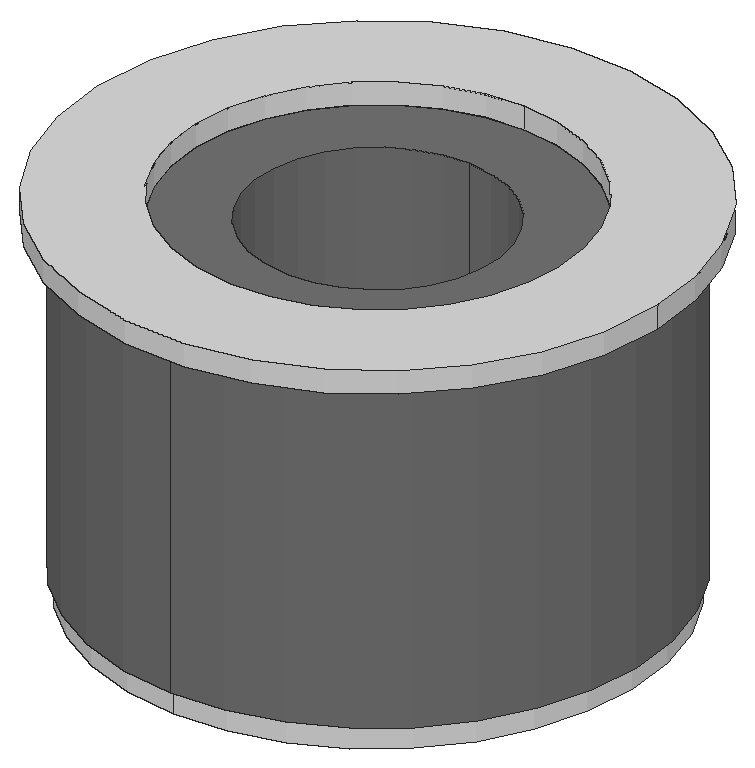
Revit family "Roxtec RS UG seals", category Duct Accessories, host Face, Revit 2017
Family settings
  Host = Face
  Round Connector Dimension = Use Diameter
  Part Type = Attaches To
  Cut with Voids When Loaded = No
  Shared = No
Parameters (values of type "RS 125 UG WOC")
  core visibility = no
  Weight (kg) = 1.4
  WarrantyGuarantorParts = ""
  WarrantyGuarantorLabor = ""
  WarrantyDurationUnit = ""
  WarrantyDurationParts = ""
  WarrantyDurationLabor = ""
  WarrantyDescription = ""
  Wall opening diameter = 125 mm
  Version = "2.0"  # constant formula
  Uniclass2015Version = ""
  Uniclass2015Title = ""
  Uniclass2015Code = ""
  URL = "https://www.roxtec.com/en/products/solutions/roxtec-rs-ug-seal/"
  UNSPSC Code = ""
  Sähkönumero = "1753187"
  SustainabilityPerformance = ""
  Size = ""
  Shape = ""
  Roxtec RTD [instance] = ""
  Roxtec Product Title [instance] = if(and(Wall opening diameter = 70 mm, core visibility), "RS 70 UG", if(and(Wall opening diameter = 75 mm, core visibility), "RS 75 UG", if(and(Wall opening diameter = 90 mm, core visibility), "RS 90 UG", if(and(Wall opening diameter = 100 mm, Min cable Ø = 24 mm), "RS 100 24-53 UG", if(and(Wall opening diameter = 100 mm, core visibility), "RS 100 UG", if(and(Wall opening diameter = 100 mm), "RS 100 UG WOC", if(and(Wall opening diameter = 125 mm, core visibility), "RS 125 UG", if(and(Wall opening diameter = 125 mm), "RS 125 UG WOC", if(and(Wall opening diameter = 135 mm), "RS 135 UG WOC", if(and(Wall opening diameter = 150 mm), "RS 150 UG WOC", if(and(Wall opening diameter = 185 mm), "RS 185 UG WOC", if(and(Wall opening diameter = 200 mm), "RS 200 UG WOC", if(and(Wall opening diameter = 225 mm), "RS 225 UG WOC", if(and(Wall opening diameter = 250 mm), "RS 250 UG WOC", if(and(Wall opening diameter = 300 mm), "H1-300/220 UG", if(and(Wall opening diameter = 350 mm, Min cable Ø = 250 mm), "H1-350/250 UG", if(and(Wall opening diameter = 350 mm, Min cable Ø = 280 mm), "H1-350/280 UG", if(and(Wall opening diameter = 400 mm), "H1-400/315 UG", " "))))))))))))))))))  # "RS 125 UG WOC"
  Roxtec Product ID [instance] = if(and(Wall opening diameter = 70 mm, core visibility), "167234", if(and(Wall opening diameter = 75 mm, core visibility), "186247", if(and(Wall opening diameter = 90 mm, core visibility), "167263", if(and(Wall opening diameter = 100 mm, Min cable Ø = 24 mm), "186250", if(and(Wall opening diameter = 100 mm, core visibility), "167236", if(and(Wall opening diameter = 100 mm), "167265", if(and(Wall opening diameter = 125 mm, core visibility), "167638", if(and(Wall opening diameter = 125 mm), "167639", if(and(Wall opening diameter = 135 mm), "167266", if(and(Wall opening diameter = 150 mm), "167246", if(and(Wall opening diameter = 185 mm), "167258", if(and(Wall opening diameter = 200 mm), "178151", if(and(Wall opening diameter = 225 mm), "178166", if(and(Wall opening diameter = 250 mm), "178178", if(and(Wall opening diameter = 300 mm), "175578", if(and(Wall opening diameter = 350 mm, Min cable Ø = 250 mm), "192887", if(and(Wall opening diameter = 350 mm, Min cable Ø = 280 mm), "175579", if(and(Wall opening diameter = 400 mm), "167235", " "))))))))))))))))))  # "167639"
  Sealing material = Roxylon black
  Revision = ""
  ReplacementCost = ""
  ProductInformation = ""
  ProdLib_ID = ""
  NominalLength [instance] = 0 mm
  NominalHeight = 0 mm
  NominalDepth = 0 mm
  Name = ""
  NBSReference = ""
  NBSDescription = ""
  ModelReference = ""
  ModelNumber = ""
  ManufacturerURL = ""
  Manufacturer = "Roxtec"  # constant formula
  LVI Numero = "3259201"
  IfcExportType = ""
  IfcExportAs = ""
  IfcClassification = ""
  IFC Classification = ""
  Grade = ""
  Frame material = Roxylon black
  Finish = ""
  Features = ""
  ExpectedLife = ""
  ETIM Classification = "EC000220"  # constant formula
  DurationUnit = ""
  Description = "Sealing solutions for cables and pipes"
  Default Elevation = 0 mm
  Core material = Roxylon black
  Constituents = ""
  Color = ""
  Fitting material = Steel
  Max cable Ø = 88 mm
  Min cable Ø = 55 mm
  Sealing height = 75 mm  # constant formula
  Fitting thickness = 5 mm  # constant formula
  Front fitting diameter = Wall opening diameter + 10 mm  # 135 mm
  CodePerformance = ""
  Category = ""
  COBie Type Category = ""
  BIMObjectName = ""
  Author = "ProdLIb Oy"  # constant formula
  AssetType = ""
  AccessibilityPerformance = ""
Types (11, lengths in mm): name | core visibility | Weight (kg) | Wall opening diameter | Sähkönumero | Roxtec Product Title | Roxtec Product ID | LVI Numero | Max cable Ø | Min cable Ø | Front fitting diameter
  (no name) | no | 1.4 | 125 | "1753187" | "RS 125 UG WOC" | "167639" | "3259201" | 88 | 55 | 135
  RS 100 24-53 UG | yes | 1 | 100 | "1753126" | "RS 100 24-53 UG" | "186250" | "-" | 53 | 24 | 110
  RS 100 UG WOC | no | 1 | 100 | "1753132" | "RS 100 UG WOC" | "167265" | "3259200" | 63 | 39 | 110
  RS 125 UG WOC | no | 1.4 | 125 | "1753187" | "RS 125 UG WOC" | "167639" | "3259201" | 88 | 55 | 135
  RS 135 UG WOC | no | 1.6 | 135 | "1753133" | "RS 135 UG WOC" | "167266" | "-" | 98 | 65 | 145
  RS 150 UG WOC | no | 1.8 | 150 | "" | "RS 150 UG WOC" | "167246" | "3259202" | 113 | 80 | 160
  RS 185 UG WOC | no | 2.3 | 185 | "" | "RS 185 UG WOC" | "167258" | "3259203" | 148 | 114 | 195
  RS 75 UG | yes | 0.7 | 75 | "1753091" | "RS 75 UG" | "186247" | "" | 33 | 9 | 85
  RS 200 UG WOC | no | 2.5 | 200 | "" | "RS 200 UG WOC" | "178151" | "3259204" | 163 | 130 | 210
  RS 225 UG WOC | no | 3.4 | 225 | "" | "RS 225 UG WOC" | "178166" | "3259205" | 179 | 146 | 235
  RS 250 UG WOC | no | 3.8 | 250 | "" | "RS 250 UG WOC" | "178178" | "3259206" | 204 | 171 | 260
Reference planes
  plane 1 "Center (Front/Back)": y = 0
  plane 2: z = 0
  plane 3 "Center (Left/Right)": x = 0
  plane 4: y = 62.5
  plane 5: y = -62.5
  plane 6: z = -500
  plane 7: y = 27.5
  plane 8: y = -27.5
  plane 9: z = 5
  plane 10: z = -75
  plane 11: z = -80
  plane 12: y = 44
  plane 13: y = -44
  plane 14: x = -67.5
  plane 15: x = 67.5
  plane 16: y = 35.75
  plane 17: y = 42
  plane 18: y = -42
Forms (mm)
  Extrusion 1, void
    sketch origin (0, 0, 0) x (1, 0, 0) y (0, 1, 0)
      loop
        circle (0, 0) r 62.5
    from 0 to -500
  Extrusion 2, solid, material "Roxylon black" <- "Frame material"
    sketch origin (0, 0, 0) x (1, 0, 0) y (0, 1, 0)
      loop
        circle (0, 0) r 62.5
      loop
        circle (0, 0) r 44
    from -75 to 0
  Extrusion 3, solid, material "Roxylon black" <- "Sealing material"
    sketch origin (0, 0, 0) x (1, 0, 0) y (0, 1, 0)
      loop
        circle (0, 0) r 27.5
      loop
        circle (0, 0) r 44
    from -75 to 0
  Extrusion 4, solid, material "Steel" <- "Fitting material"
    sketch origin (0, 0, 0) x (1, 0, 0) y (0, 1, 0)
      loop
        circle (0, 0) r 61.5
      loop
        circle (0, 0) r 44
    from -80 to -75
  Extrusion 5, solid, material "Steel" <- "Fitting material"
    sketch origin (0, 0, 0) x (1, 0, 0) y (0, 1, 0)
      loop
        circle (0, 0) r 67.5
      loop
        circle (0, 0) r 44
    from 0 to 5
  Extrusion 6, solid, material "Roxylon black" <- "Core material", visible <- "core visibility"
    sketch origin (0, 0, 0) x (1, 0, 0) y (0, 1, 0)
      loop
        circle (0, 0) r 27.5
    from -75 to 0
Dimensions and locks
  equal spacing: plane 4, plane 1 "Center (Front/Back)", plane 5
  "Wall opening diameter": plane 4 to plane 5
  locked: level to plane 6 at 500
  equal spacing: plane 7, plane 1 "Center (Front/Back)", plane 8
  "Min cable Ø": plane 7 to plane 8
  "Fitting thickness": plane 9 to level
  "Fitting thickness": plane 10 to plane 11
  "Sealing height": plane 2 to plane 10
  equal spacing: plane 12, plane 1 "Center (Front/Back)", plane 13
  "Max cable Ø": plane 12 to plane 13
  equal spacing: plane 14, plane 3 "Center (Left/Right)", plane 15
  "Front fitting diameter": plane 14 to plane 15
  equal spacing: plane 12, plane 16, plane 7
  locked: plane 18 to plane 13 at 2
  locked: plane 12 to plane 17 at 2
  aligned and locked: plane 2 to host face
  aligned and locked: level to host face
  aligned and locked: Extrusion 1 to plane 6
  aligned and locked: level to Extrusion 1
  aligned and locked: Extrusion 2 to plane 10
  aligned and locked: level to Extrusion 2
  aligned and locked: Extrusion 4 to plane 11
  aligned and locked: plane 10 to Extrusion 4
  aligned and locked: plane 12 to Extrusion 5 sketch curve
  aligned and locked: plane 13 to Extrusion 5 sketch curve
  aligned and locked: plane 3 "Center (Left/Right)" to Extrusion 5 sketch curve  (x2)
  aligned and locked: plane 1 "Center (Front/Back)" to Extrusion 5 sketch curve  (x2)
  aligned and locked: plane 14 to Extrusion 5 sketch curve
  aligned and locked: plane 15 to Extrusion 5 sketch curve
  aligned and locked: plane 9 to Extrusion 5
  aligned and locked: Extrusion 5 to level
  aligned and locked: plane 7 to Extrusion 3 sketch curve
  aligned and locked: plane 8 to Extrusion 3 sketch curve
  aligned and locked: plane 3 "Center (Left/Right)" to Extrusion 3 sketch curve  (x4)
  aligned and locked: plane 12 to Extrusion 3 sketch curve
  aligned and locked: plane 13 to Extrusion 3 sketch curve
  aligned and locked: plane 4 to Extrusion 1 sketch curve
  aligned and locked: plane 5 to Extrusion 1 sketch curve
  aligned and locked: plane 3 "Center (Left/Right)" to Extrusion 1 sketch curve  (x2)
  aligned and locked: plane 4 to Extrusion 2 sketch curve
  aligned and locked: plane 5 to Extrusion 2 sketch curve
  aligned and locked: plane 3 "Center (Left/Right)" to Extrusion 4 sketch curve  (x2)
  aligned and locked: plane 12 to Extrusion 4 sketch curve
  aligned and locked: plane 13 to Extrusion 4 sketch curve
  aligned and locked: Extrusion 6 sketch curve to Extrusion 3
  aligned and locked: Extrusion 6 to plane 10
  aligned and locked: plane 2 to Extrusion 6
  aligned and locked: level to Extrusion 3
  aligned and locked: Extrusion 3 to plane 10
Automatic sketch dimensions
  host sketch curve to host sketch curve = 2438.4 mm  (x2)
  Extrusion 2 sketch curve to Extrusion 2 sketch curve = 0 mm  (x2)
  Extrusion 2 sketch curve to plane 3 "Center (Left/Right)" = 0 mm
  Extrusion 4 sketch curve to Extrusion 4 sketch curve = 0 mm  (x2)
  plane 5 to Extrusion 4 sketch curve = 1 mm
  Extrusion 2 sketch curve to plane 13 = 0 mm
